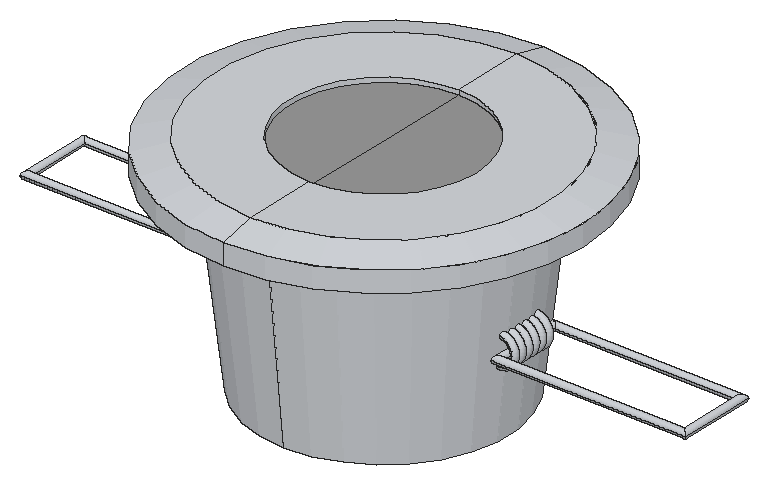
Revit family "0005363-2700K", category Lighting Fixtures, host Face, Revit 2018
Family settings
  Host = Face
  Round Connector Dimension = Use Diameter
  Part Type = Normal
  OmniClass Number = 23.80.70.00
  OmniClass Title = Lighting
  Cut with Voids When Loaded = No
  Light Source = Yes
  Shared = No
  Room Calculation Point = No
Parameters (values of type "0005363 OBICO 68 IP65 550LM 3CCT DIM ADJ WHT")
  Weight = "n/a"
  Wattage Comments = ""
  Wattage = 159.577 W
  WarrantyStartDate [instance] = "n/a"
  WarrantyGuarantorParts = "n/a"
  WarrantyDurationUnit = "n/a"
  WarrantyDurationParts = ""
  WarrantyDescription = "http://www.sylvania-lighting.com"
  built-in parameter 1150110 = 1 (stored number, unit not read)
  Voltage = 0 V
  URL = "0.8"
  TypeName = "OBICO 68 IP65 550lm 3CCT DIM ADJ WHITE"
  Type Image = <None>
  Type Comments = "n/a"
  built-in parameter 1114217 = 1 (stored number, unit not read)
  Tilt Angle = -90.00°
  built-in parameter 1150109 = 1 (stored number, unit not read)
  built-in parameter 1150134 = 12
  built-in parameter 1150113 = 1 (stored number, unit not read)
  SerialNumber [instance] = "n/a"
  Photometric Web File = "0005363-2700K.ies"
  Material_3_SYL = none
  PowerFactor = 0.9
  PowerConsumption = "Lighting"
  NominalLength = 117 mm
  NominalHeight = 54 mm
  NominalDepth = 96 mm
  Name = "OBICO 68 IP65 550lm 3CCT DIM ADJ WHITE"
  ModelReference = Name  # "OBICO 68 IP65 550lm 3CCT DIM ADJ WHITE"
  ModelNumber = "0005363"
  Model = Name  # "OBICO 68 IP65 550lm 3CCT DIM ADJ WHITE"
  Material = "Feilo Sylvania"
  ManufacturerName = "102 lm/W"
  Manufacturer = ""
  LuminousEfficacy = ""
  built-in parameter 1150105 = 19297.2 (stored number, unit not read)
  Lumens = 13404.5 lm
  LuminaireType = "0"
  built-in parameter 1150115 = 1 (stored number, unit not read)
  LightOutputRatio = "LED"
  built-in parameter 1150137 = (empty or 0)
  built-in parameter 1150139 = (empty or 0)
  LampsType = Lamp  # "n/a"
  LampNominalLuminous = "3000 K"
  LampMacAdamStep = "90"
  LampColourTemperature = "LED"
  LampColourRenderingIndex = "16500"
  built-in parameter 1150112 = 1 (stored number, unit not read)
  built-in parameter 1150114 = 1 (stored number, unit not read)
  Lamp = "n/a"
  Keynote = "n/a"
  InstallationDate [instance] = "n/a"
  InputVoltage = "0"
  InputNominalFrequency = "3000"
  built-in parameter 1150132 = (empty or 0)
  built-in parameter 1150102 = (empty or 0)
  built-in parameter 1150107 = 4000 (stored number, unit not read)
  built-in parameter 1150138 = (empty or 0)
  IngressProtection = "IfcLightFixtureType"
  ImpactProtectionIndex = "IfcLightFixtureType"
  built-in parameter 1150106 = 192.97 (stored number, unit not read)
  IfcExportType = "IfcLightFixtureType"
  IfcExportAs = "Class II"
  Emit from Circle Diameter = 609.6 mm
  Emit Shape Visible in Rendering = no
  ElectricShockClassification = "102"
  built-in parameter 1150104 = 7.8039 (stored number, unit not read)
  DocumentationLiterature = "http://www.sylvania-lighting.com/product/en-int/products/0005363"
  DimmingControlOptions = "n/a"
  Material_2_SYL = none
  Dimming Lamp Color Temperature Shift = <None>
  Description = "OBICO 68 IP65 550lm 3CCT DIM ADJ WHITE"
  Default Elevation = 1219.2 mm
  CreatedOn = "27/07/2022"
  CreatedBy = "@sylvania-lighting.com"
  Cost = 0
  Color Filter = 16777215
  built-in parameter 1114216 [instance] = (empty or 0)
  ClassificationValue = "EF_70_80"
  ClassificationName = "Uniclass2015"
  Material_1_SYL = Default
  BarCode [instance] = "n/a"
  built-in parameter 1114218 = 1 (stored number, unit not read)
  built-in parameter 1150133 = 10 (stored number, unit not read)
  AssetType = "Fixed"
  AssetIdentifier [instance] = "n/a"
  Assembly Code = "D5020200"
  Apparent Load = 5.4 VA
  Material_4_SYL = none
Reference planes
  plane 1 "Center (Front/Back)": y = 0
  plane 2: z = 0
  plane 3 "Center (Left/Right)": x = 0
  plane 4: y = -48
  plane 5: y = 48
  plane 6: z = 7
  plane 7: z = -4
  plane 8: z = -47
  plane 9: y = 40
  plane 10: y = -40
  plane 11: y = 30
  plane 12: y = -30
  plane 13: y = -35
  plane 14: y = 35
  plane 15: z = 5
  plane 16: y = 22.5
  plane 17: z = 6
Forms (mm)
  Revolve 1, solid, detail levels medium+fine
    sketch origin (0.25, 1524, 1219.2) x (0, 1, 0) y (0, 0, 1)
      loop
        line (-1524, -1214.2) -> (-1524, -1266.2) -> (-1494, -1266.2) -> (-1489, -1223.2) -> (-1489, -1219.2) -> (-1476, -1219.2) -> (-1476, -1214.2) -> (-1484, -1212.2) -> (-1501.5, -1212.2) -> (-1501.5, -1214.2) -> (-1524, -1214.2)
      axis (-1524, -1266.2) -> (-1524, -1212.2)
    angle from 360 to 0
  Revolve 2, solid, material "Glass, White, High Luminance"
    sketch origin (0.25, 1524, 1219.2) x (0, 1, 0) y (0, 0, 1)
      loop
        line (-1501.5, -1213.2) -> (-1524, -1213.2) -> (-1524, -1214.2) -> (-1501.5, -1214.2) -> (-1501.5, -1213.2)
      axis (-1524, -1214.2) -> (-1524, -1213.2)
    angle from 360 to 0
  Sweep 3, solid, detail levels fine
    path origin (-4.117, 0.46, 7.176) x (1, 0, 0) y (0, 1, 0)
      loop
        line (-75, 8.5) -> (-75, -8.5) -> (-30, -8.5) -> (-30, 8.5) -> (-75, 8.5)
    profile origin (-56.617, 8.96, 7.176) x (0, 1, 0) y (0, 0, 1)
      loop
        circle (0, -33.041) r 0.899
  Revolve 4, solid, detail levels fine
    sketch origin (-32.259, 1523.987, 1226.512) x (0, 1, 0) y (0, 0, 1)
      loop
        circle (-1518.723, -1248.745) r 0.801
      loop
        circle (-1520.733, -1248.823) r 0.801
      loop
        circle (-1522.743, -1248.823) r 0.801
      loop
        circle (-1524.772, -1248.823) r 0.801
      loop
        circle (-1526.817, -1248.823) r 0.801
      loop
        circle (-1528.846, -1248.823) r 0.801
      axis (-1529.647, -1252.2) -> (-1517.923, -1252.2)
    angle from -29.09 to 193.564
  Sweep 5, solid, detail levels fine
    path origin (4.117, 0.46, 7.176) x (-1, 0, 0) y (0, -1, 0)
      loop
        line (-75, -8.5) -> (-30, -8.5) -> (-30, 8.5) -> (-75, 8.5) -> (-75, -8.5)
    profile origin (56.617, 8.96, 7.176) x (0, -1, 0) y (0, 0, 1)
      loop
        circle (0, -33.041) r 0.899
  Revolve 6, solid, detail levels fine
    sketch origin (32.259, 1523.987, 1226.512) x (0, 1, 0) y (0, 0, -1)
      loop
        circle (-1518.723, 1248.745) r 0.801
      loop
        circle (-1520.733, 1248.823) r 0.801
      loop
        circle (-1522.743, 1248.823) r 0.801
      loop
        circle (-1524.772, 1248.823) r 0.801
      loop
        circle (-1526.817, 1248.823) r 0.801
      loop
        circle (-1528.846, 1248.823) r 0.801
      axis (-1529.647, 1252.2) -> (-1517.923, 1252.2)
    angle from -29.09 to 193.564
  Extrusion 7, solid, detail levels coarse
    sketch origin (0, 0, 0) x (1, 0, 0) y (0, 0, 1)
      loop
        line (-79.988, 7) -> (-79.988, -47) -> (80.019, -47) -> (80.019, 7) -> (-79.988, 7)
    from -48 to 48
Dimensions and locks
  aligned and locked: plane 2 to host face
  aligned and locked: level to host face
  aligned and locked: Revolve 2 sketch curve to plane 17
  aligned and locked: Revolve 2 sketch curve to plane 16
  aligned and locked: Revolve 2 sketch curve to Revolve 1
  aligned and locked: plane 1 "Center (Front/Back)" to Revolve 2 sketch curve
Connectors
  electrical at (0.25, -30, -47)
    settings: on Revolve 1, index 1, voltage 0 V, apparent load 0 VA, apparent load phase1 0 VA, apparent load phase2 0 VA, apparent load phase3 0 VA, power factor 1, load classification "Other", number of poles 1, system type 31, power factor state 1, is connector primary yes, connector utility no, sub classification motor no, connector description ""
